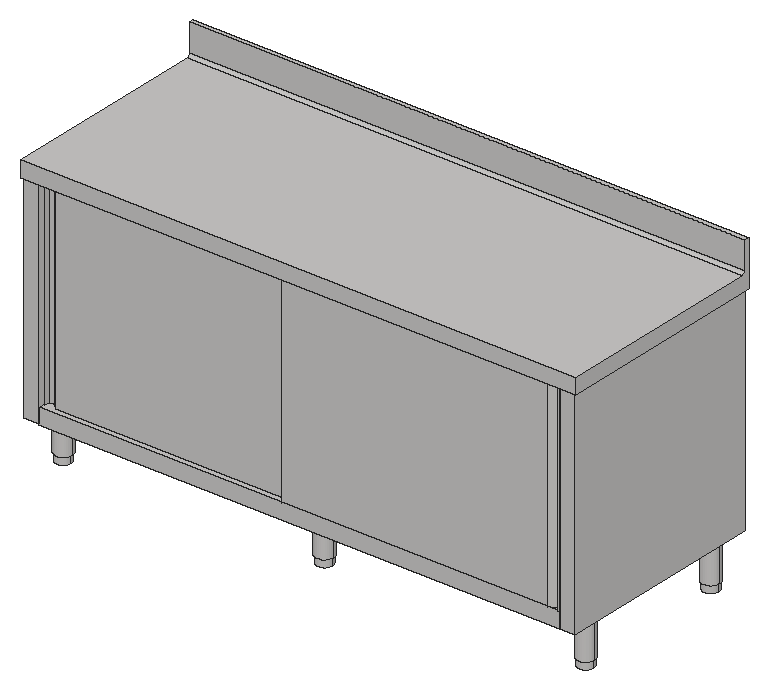
Revit family "QF_ELECTROLUXPROFESSIONAL_132866_MS1817N", category Attrezzature speciali, Revit 2020
Family settings
  Quota connettore circolare = Usa diametro
  Tipo di parte = Normale
  Basato su piano di lavoro = No
  Sempre verticale = Sì
  Taglio con vuoti quando caricato = No
  Condiviso = No
  Punto di calcolo locali = No
Parameters (values of type "Standard")
  Weight = 70.00 kg
  Watts = 0 W
  Volts = 0 V
  URL Manufacturer = "https://www.electroluxprofessional.com/"
  URL = "https://www.electroluxprofessional.com/"
  Steam Supply Size = 0 mm
  Steam Supply Minimum Pressure = 0.0 Pa
  Steam Supply Maximum Pressure = 0.0 Pa
  Steam Consumption per Hour = 0
  Refrigeration Suction Line Size = 0.0 mm
  Refrigeration Liquid Line Size = 0.0 mm
  Refrigerant Compressor Remote = yes
  Prospetto di default = 0.0 mm
  Produttore = "Electrolux Professional"
  Phase = 0
  Modello = "MS1817N"
  Length Actual = 1800.0 mm  # constant formula
  Item Number = "132866"
  Hot Water Size = 0 mm
  Height Actual = 1000.0 mm  # constant formula
  HP = "0 HP"
  Gas Size = 0 mm
  Gas KW = 0
  Gas Input Pressure = 0 W
  Direct Waste Size = 0 mm
  Descrizione = "WORKTOP CUPBOARD WITH UPSTAND 1800MM"
  Depth Actual = 700.0 mm  # constant formula
  Cycle = 0 Hz
  Condensate Return Size = 0 mm
  Compressed Air Volume = 0.0 L/s
  Compressed Air Size = 0 mm
  Compressed Air Pressure = 0.0 Pa
  Cold Water Size = 0 mm
  Accessory = yes
Reference planes
  plane 1 "Center (Front/Back)": y = 0
  plane 2: z = 0
  plane 3 "Center (Left/Right)": x = -400
  plane 4 "LEFT": x = -1300
  plane 5 "RIGHT": x = 500
  plane 6 "BACK": y = 350
  plane 7 "FRONT": y = -350
  plane 8 "Base": z = 850
  plane 9 "TOP": z = 900
  plane 10: x = -1246.9
  plane 11: x = 446.9
  plane 12: y = 264.5
  plane 13: y = -241.9
  plane 14 "BodyLeft": x = -1294.5
  plane 15 "BodyFront": y = -344.5
  plane 16 "BodyRight": x = 494.5
  plane 17 "BodyBack": y = 344.5
  plane 18 "FEET": z = 150
  plane 19: x = -344.5
  plane 20: x = -455.5
Forms (mm)
  Extrusion 1, solid, material "QF_Finishes_Stainless Steel"
    sketch origin (-400, 0, 0) x (0, 1, 0) y (0, 0, 1)
      loop
        line (-350, 850) -> (350, 850) -> (350, 1000) -> (337, 1000) -> (337, 910)
        arc (337, 910) -> (334.071, 902.929) -> (327, 900) r 10
        line (327, 900) -> (-350, 900) -> (-350, 850)
    from 900 to -900
  Extrusion 2, solid, material "QF_Finishes_Stainless Steel"
    sketch origin (0, 0, 150) x (-1, 0, 0) y (0, -1, 0)
      loop
        line (1294.5, -344.5) -> (1294.5, 344.5) -> (1244.5, 344.5) -> (1244.5, -344.5) -> (1294.5, -344.5)
      loop
        line (-444.5, -344.5) -> (-444.5, 344.5) -> (-494.5, 344.5) -> (-494.5, -344.5) -> (-444.5, -344.5)
    from 0 to 700
  Extrusion 3, solid, material "QF_Finishes_Stainless Steel"
    sketch origin (0, 0, 150) x (-1, 0, 0) y (0, -1, 0)
      loop
        line (1243.585, -344.5) -> (1243.585, 344.5) -> (-444.5, 344.5) -> (-444.5, -344.5) -> (1243.585, -344.5)
    from 0 to 50
  Extrusion 4, solid, material "QF_Finishes_Stainless Steel"
    sketch origin (0, 0, 150) x (-1, 0, 0) y (0, -1, 0)
      loop
        line (1243.585, -344.5) -> (1243.585, -294.5) -> (-444.5, -294.5) -> (-444.5, -344.5) -> (1243.585, -344.5)
    from 50 to 700
  Extrusion 5, solid, material "QF_Finishes_Stainless Steel"
    sketch origin (0, 0, 150) x (-1, 0, 0) y (0, -1, 0)
      loop
        line (-444.5, 344.5) -> (-444.5, 324.5) -> (455.5, 324.5) -> (455.5, 344.5) -> (-404.5, 344.5) -> (-424.5, 329.5) -> (-439.5, 329.5) -> (-439.5, 344.5) -> (-444.5, 344.5)
    from 50 to 700
  Extrusion 6, solid, material "QF_Finishes_Stainless Steel"
    sketch origin (0, 20, 150) x (1, 0, 0) y (0, 1, 0)
      loop
        line (-1244.5, -344.5) -> (-1239.5, -344.5) -> (-1239.5, -329.5) -> (-1224.5, -329.5) -> (-1204.5, -344.5) -> (-344.5, -344.5) -> (-344.5, -324.5) -> (-1244.5, -324.5) -> (-1244.5, -344.5)
    from 50 to 700
Lines and regions (mm)
  symbolic lines
    curve 1: line (500, 350, 900) -> (-1300, 350, 900)
    curve 2: line (-1300, 350, 900) -> (-1300, -350, 900)
    curve 3: line (-1300, -350, 900) -> (500, -350, 900)
    curve 4: line (500, -350, 900) -> (500, 350, 900)
    curve 5: line (-1300, 337, 900) -> (500, 337, 900)
  symbolic lines, style "SpecialityEquipmentHiddenLines"
    curve 6: line (-1294.5, -344.5, 150) -> (-1294.5, 344.5, 150)
    curve 7: line (-1294.5, 344.5, 150) -> (494.5, 344.5, 150)
    curve 8: line (494.5, 344.5, 150) -> (494.5, -344.5, 150)
    curve 9: line (494.5, -344.5, 150) -> (-1294.5, -344.5, 150)
    curve 10: line (-1244.5, -304.5, 150) -> (-344.5, -304.5, 150)
    curve 11: line (-344.5, -304.5, 150) -> (-344.5, -324.5, 150)
    curve 12: line (444.5, -324.5, 150) -> (-1244.5, -324.5, 150)
    curve 13: line (-1244.5, -324.5, 150) -> (-1244.5, -304.5, 150)
    curve 14: line (-455.5, -344.5, 150) -> (-455.5, -324.5, 150)
Dimensions and locks
  plane 4 "LEFT" to plane 5 "RIGHT" = 1800.0 mm
  equal spacing: plane 4 "LEFT", plane 3 "Center (Left/Right)", plane 5 "RIGHT"
  locked: plane 8 "Base" to level at 850
  locked: Extrusion 1 to level at 1000
  plane 9 "TOP" to level = 900.0 mm
  plane 6 "BACK" to plane 7 "FRONT" = 700.0 mm
  equal spacing: plane 6 "BACK", plane 1 "Center (Front/Back)", plane 7 "FRONT"
  locked: plane 4 "LEFT" to plane 14 "BodyLeft" at 5.5
  locked: plane 16 "BodyRight" to plane 5 "RIGHT" at 5.5
  locked: plane 15 "BodyFront" to plane 7 "FRONT" at 5.5
  locked: plane 6 "BACK" to plane 17 "BodyBack" at 5.5
  locked: plane 14 "BodyLeft" to plane 10 at 47.6
  locked: plane 11 to plane 16 "BodyRight" at 47.6
  locked: plane 13 to plane 15 "BodyFront" at 102.6
  locked: plane 17 "BodyBack" to plane 12 at 80
  plane 10 to plane 11 = 1693.8 mm
  plane 12 to plane 13 = 506.4 mm
  locked: plane 14 "BodyLeft" to Extrusion 2 sketch curve at 50
  locked: Extrusion 2 sketch curve to Extrusion 2 sketch curve at 50
  Extrusion 3 to Extrusion 4 sketch curve = 50.0 mm
  Extrusion 2 to plane 19 = 900.0 mm
  plane 20 to Extrusion 2 = 900.0 mm
  locked: plane 18 "FEET" to level at 150
  aligned and locked: level to plane 2
  aligned and locked: plane 10 to nested 1
  aligned and locked: nested 1 to plane 13
  aligned and locked: plane 11 to nested 2
  aligned and locked: nested 2 to plane 13
  aligned and locked: plane 11 to nested 4
  aligned and locked: nested 4 to plane 12
  aligned and locked: plane 10 to nested 3
  aligned and locked: nested 3 to plane 12
  aligned and locked: Extrusion 1 to plane 4 "LEFT"
  aligned and locked: plane 5 "RIGHT" to Extrusion 1
  aligned and locked: curve 2 to plane 4 "LEFT"
  aligned and locked: plane 17 "BodyBack" to Extrusion 2 sketch curve
  aligned and locked: Extrusion 2 sketch curve to plane 15 "BodyFront"
  aligned and locked: Extrusion 2 sketch curve to plane 14 "BodyLeft"
  aligned and locked: plane 16 "BodyRight" to Extrusion 2 sketch curve
  aligned and locked: Extrusion 2 sketch curve to plane 17 "BodyBack"
  aligned and locked: plane 15 "BodyFront" to Extrusion 2 sketch curve
  aligned and locked: Extrusion 3 sketch curve to plane 17 "BodyBack"
  aligned and locked: plane 15 "BodyFront" to Extrusion 3 sketch curve
  aligned and locked: plane 8 "Base" to Extrusion 2
  aligned and locked: plane 8 "Base" to Extrusion 5
  aligned and locked: Extrusion 5 to Extrusion 3
  aligned and locked: Extrusion 6 sketch curve to plane 19
  aligned and locked: Extrusion 5 sketch curve to plane 20
  aligned and locked: curve 7 to plane 17 "BodyBack"
  aligned and locked: Extrusion 2 to plane 14 "BodyLeft"
  aligned and locked: plane 16 "BodyRight" to curve 8
  aligned and locked: plane 15 "BodyFront" to curve 9
  aligned and locked: plane 3 "Center (Left/Right)" to nested 5
  aligned and locked: plane 3 "Center (Left/Right)" to nested 6
Automatic sketch dimensions
  curve 3 to plane 7 "FRONT" = 0.0 mm
  curve 5 to plane 5 "RIGHT" = 0.0 mm
  curve 4 to plane 6 "BACK" = 0.0 mm
  curve 5 to plane 17 "BodyBack" = 7.5 mm
  Extrusion 1 sketch curve to plane 7 "FRONT" = 0.0 mm
  Extrusion 1 sketch curve to plane 9 "TOP" = 0.0 mm
  Extrusion 1 sketch curve to plane 6 "BACK" = 0.0 mm
  Extrusion 1 sketch curve to plane 8 "Base" = 0.0 mm
  Extrusion 1 sketch curve to plane 17 "BodyBack" = 17.5 mm
  Extrusion 1 sketch curve to plane 17 "BodyBack" = 7.5 mm
  Extrusion 1 sketch curve to Extrusion 1 sketch curve = 90.0 mm
  Extrusion 5 sketch curve to plane 15 "BodyFront" = 0.0 mm  (x2)
  Extrusion 5 sketch curve to plane 11 = 2.4 mm
  Extrusion 5 sketch curve to Extrusion 5 sketch curve = 5.0 mm
  Extrusion 5 sketch curve to Extrusion 5 sketch curve = 15.0 mm
  Extrusion 5 sketch curve to Extrusion 5 sketch curve = 20.0 mm
  plane 15 "BodyFront" to Extrusion 5 sketch curve = 15.0 mm
  plane 15 "BodyFront" to Extrusion 5 sketch curve = 20.0 mm
  Extrusion 6 sketch curve to plane 15 "BodyFront" = 20.0 mm  (x2)
  Extrusion 6 sketch curve to plane 10 = 2.4 mm
  Extrusion 6 sketch curve to Extrusion 6 sketch curve = 5.0 mm
  Extrusion 6 sketch curve to Extrusion 6 sketch curve = 15.0 mm
  Extrusion 6 sketch curve to Extrusion 6 sketch curve = 20.0 mm  (x2)
  Extrusion 6 sketch curve to plane 15 "BodyFront" = 35.0 mm
  Extrusion 3 sketch curve to plane 11 = 2.4 mm
  plane 10 to Extrusion 3 sketch curve = 3.315 mm
  Extrusion 4 sketch curve to plane 11 = 2.4 mm
  plane 10 to Extrusion 4 sketch curve = 3.315 mm
  curve 10 to plane 19 = 0.0 mm
  curve 14 to plane 20 = 0.0 mm
  curve 7 to plane 14 "BodyLeft" = 0.0 mm
  plane 10 to curve 13 = 2.4 mm
  curve 10 to curve 13 = 20.0 mm
  curve 12 to plane 11 = 2.4 mm
  plane 15 "BodyFront" to curve 14 = 20.0 mm
Nested families
  nested 1: "FEET_D58-150" at (-1246.9, -241.9, 0), type "FEET_D58-150"
  nested 2: "FEET_D58-150" at (446.9, -241.9, 0), type "FEET_D58-150"
  nested 3: "FEET_D58-150" at (-1246.9, 264.5, 0), type "FEET_D58-150"
  nested 4: "FEET_D58-150" at (446.9, 264.5, 0), type "FEET_D58-150"
  nested 5: "FEET_D58-150" at (-400, -241.9, 0), type "FEET_D58-150"
  nested 6: "FEET_D58-150" at (-400, 264.5, 0), type "FEET_D58-150"
Definition of nested family "FEET_D58-150"
  Parameters
    Default Elevation = 0.0 mm
    FEET = 150.0 mm
  Reference planes
    plane 1 "Center (Front/Back)": y = 0
    plane 2: z = 0
    plane 3 "Center (Left/Right)": x = 0
    plane 4: z = 150
  Forms (mm)
    Extrusion 1, solid
      sketch origin (0, 0, 0) x (1, 0, 0) y (0, 1, 0)
        loop
          circle (0, 0) r 25
      from 0 to 25
    Extrusion 2, solid
      sketch origin (0, 0, 0) x (1, 0, 0) y (0, 1, 0)
        loop
          circle (0.061, 0) r 29
      from 25 to 150 <- "FEET"
  Lines and regions (mm)
    symbolic lines
      curve 1: line (0, -1.503, 0) -> (0, 1.508, 0)
      curve 2: line (1.561, 0, 0) -> (-1.439, 0, 0)
  Dimensions and locks
    "FEET": plane 4 to plane 2
    aligned and locked: level to plane 2
  Automatic sketch dimensions
    plane 1 "Center (Front/Back)" to Extrusion 1 sketch curve = 0.0 mm
    Extrusion 1 sketch curve to plane 3 "Center (Left/Right)" = 0.0 mm
    plane 1 "Center (Front/Back)" to curve 2 = 0.0 mm
    curve 1 to plane 3 "Center (Left/Right)" = 0.0 mm
    curve 2 to plane 3 "Center (Left/Right)" = 1.439 mm
    plane 3 "Center (Left/Right)" to curve 2 = 1.561 mm
    plane 1 "Center (Front/Back)" to curve 1 = 1.503 mm
    curve 1 to plane 1 "Center (Front/Back)" = 1.508 mm
    plane 1 "Center (Front/Back)" to Extrusion 2 sketch curve = 0.0 mm
    plane 3 "Center (Left/Right)" to Extrusion 2 sketch curve = 0.061 mm
    radius of Extrusion 1 sketch curve = 25.0 mm
    radius of Extrusion 2 sketch curve = 29.0 mm
